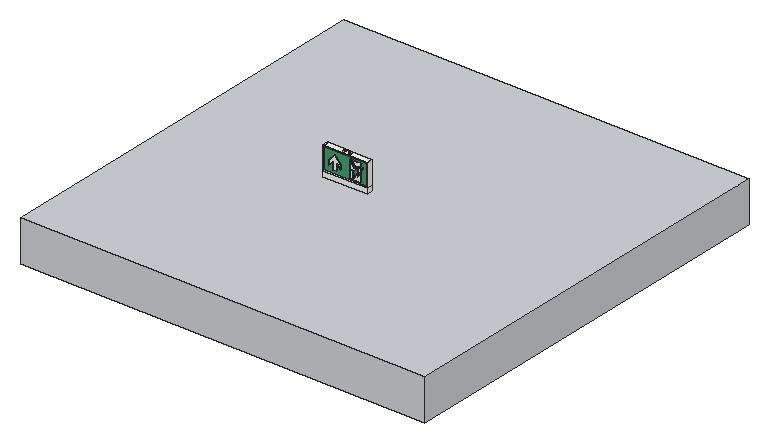
Revit family "Zumtobel CROSSIGN - AB", category Lighting Fixtures, host Face, Revit 2014
Parameters (values of type "CROSSIGN 160 AB + RZ-U")
  Width = 332 mm
  Wattage Comments = ""
  Wattage = 0.397194 W
  built-in parameter 1150110 = 1 (stored number, unit not read)
  Voltage = 230 V
  URL = "http://www.zumtobel.com/42180793"
  Type Comments = "© Zumtobel. We reserve the right to make technical changes without prior notice."  # constant formula
  built-in parameter 1114217 = 1 (stored number, unit not read)
  Tilt Angle = 180.00°
  built-in parameter 1150109 = 1 (stored number, unit not read)
  built-in parameter 1150134 = 12
  built-in parameter 1150113 = 1 (stored number, unit not read)
  Photometric Web File = "42180768+22168595_(STD-LEO).IES"
  built-in parameter 1150105 = 4.6951 (stored number, unit not read)
  Lumens = 59 lm
  built-in parameter 1150115 = 1 (stored number, unit not read)
  built-in parameter 1150137 = (empty or 0)
  built-in parameter 1150139 = (empty or 0)
  built-in parameter 1150112 = 1 (stored number, unit not read)
  built-in parameter 1150114 = 1 (stored number, unit not read)
  built-in parameter 1150132 = 2
  built-in parameter 1150102 = (empty or 0)
  built-in parameter 1150107 = 4000 (stored number, unit not read)
  built-in parameter 1150138 = (empty or 0)
  built-in parameter 1150106 = 0.046951 (stored number, unit not read)
  Height = 209.6 mm
  Escape Top Left & Right = no
  Escape Left & Right = no
  Escape Top = no
  Escape Bottom Left & Right = no
  Escape Bottom = yes
  built-in parameter 1150104 = 13.8 (stored number, unit not read)
  ERI [instance] = yes
  Dimming Lamp Color Temperature Shift = <None>
  Depth = 44 mm
  Model = "42180793 + 22168597"
  Manufacturer = "Zumtobel Lighting"  # constant formula
  Lamp = "LED"
  Description = "Escape sign + ERI LED luminaire"  # constant formula
  Default Elevation = 0 mm
  Crossign 160 = Height = 209.6 mm  # yes
  Crosign 110 = Height = 175.6 mm  # no
  Color Filter = 16777215
  Body = Zumtobel_Metal_White
  built-in parameter 1114218 = 1 (stored number, unit not read)
  built-in parameter 1150133 = 10 (stored number, unit not read)
  Assembly Code = "D5020200"
  Apparent Load = 5.8 VA
Reference planes
  plane 1 "Center (Front/Back)": y = 0
  plane 2 "Bottom": z = 0
  plane 3 "Center (Left/Right)": x = -735.5
  plane 4 "Light Source Axis": z = 209.6
  plane 5: x = -901.5
  plane 6: x = -569.5
  plane 7: y = -22
  plane 8: y = 22
Forms (mm)
  Extrusion 1, solid
    sketch origin (123, 0, 0) x (1, 0, 0) y (0, 1, 0)
      loop
        line (-2085.5, 1500) -> (-2085.5, -1500) -> (914.5, -1500) -> (914.5, 1500) -> (-2085.5, 1500)
    from 0 to -304.8
Lines and regions (mm)
  symbolic lines, not visible, detail levels coarse
    curve 1: line (-735.5, 80, 0) -> (-735.5, -80, 0)
    curve 2: line (-735.5, 80, 0) -> (-735.5, -80, 0)
Dimensions and locks
  "Height": plane 4 "Light Source Axis" to plane 2 "Bottom"
  aligned and locked: plane 2 "Bottom" to Extrusion 1
  aligned and locked: level to Extrusion 1
  aligned and locked: imposter light to plane 4 "Light Source Axis"
  aligned and locked: nested 1 to plane 2 "Bottom"
Automatic sketch dimensions
  curve 1 to plane 3 "Center (Left/Right)" = 0 mm
  curve 2 to plane 3 "Center (Left/Right)" = 0 mm
  plane 7 to curve 1 = 58 mm
  curve 2 to curve 1 = 0 mm
  plane 8 to curve 2 = 58 mm
  curve 1 to curve 2 = 0 mm
  Extrusion 1 sketch curve to Extrusion 1 sketch curve = 3000 mm  (x2)
Nested families
  nested 1: "Zumtobel CROSSIGN 160 Body" at (-735.5, 0, 0), visible <- "Crossign 160", type "Zumtobel CROSSIGN 160 Body"
  nested 2: "Zumtobel CROSSIGN 110 Body" at (-735.5, 0, 0), visible <- "Crosign 110", type "Zumtobel CROSSIGN 110 Body"
Connectors
  electrical at (-735.5, 0, 0), driven by "Apparent Load", driven by "Voltage"
    settings: index 1, voltage 230 V, apparent load 0 VA, apparent load phase1 5.8 VA, apparent load phase2 0 VA, apparent load phase3 0 VA, power factor 1, load classification "Lighting", number of poles 1, system type 31, power factor state 1, is connector primary yes, connector utility no, sub classification motor no, connector description ""
Definition of nested family "Zumtobel CROSSIGN 160 Body"
  Parameters (values of type "Zumtobel CROSSIGN 160 Body")
    Escape Sign U = no
    Escape Sign RU = no
    Escape Sign RO = no
    Escape Sign O = no
    Escape Sign LR = no
    ERI = yes
    Default Elevation = 0 mm
    Body = Zumtobel_Metal_White
  Reference planes
    plane 1 "Center (Front/Back)": y = 0
    plane 2: z = 0
    plane 3 "Center (Left/Right)": x = 0
  Forms (mm)
    Extrusion 1, solid, material "Zumtobel_Metal_White" <- "Body"
      sketch origin (735.5, 0, 0) x (1, 0, 0) y (0, 1, 0)
        loop
          line (-901.5, 22) -> (-901.5, -22) -> (-569.5, -22) -> (-569.5, 22) -> (-901.5, 22)
      from 39.5 to 0
    Extrusion 2, solid, material "Zumtobel_Escape_Sign_Green_Self_Illumination", visible <- "Escape Sign O"
      sketch origin (735.5, 0, -295.5) x (1, 0, 0) y (0, 0, 1)
        loop
          line (-653.853, 428.358) -> (-651.685, 449.523)
          arc (-651.685, 449.523) -> (-650.098, 453.355) -> (-646.266, 454.942) r 5.42
          line (-646.266, 454.942) -> (-605.191, 454.942)
          arc (-605.191, 454.942) -> (-610.804, 446.945) -> (-620.08, 443.875) r 15.55
          line (-620.08, 443.875) -> (-638.222, 443.875)
          arc (-638.222, 443.875) -> (-639.916, 443.173) -> (-640.618, 441.479) r 2.396
          line (-640.618, 441.479) -> (-641.645, 425.619)
          arc (-641.645, 425.619) -> (-642.427, 420.108) -> (-644.041, 414.78) r 36.444
          line (-644.041, 414.78) -> (-652.084, 398.521) -> (-641.987, 398.521)
          arc (-641.987, 398.521) -> (-641.138, 398.917) -> (-640.504, 399.605) r 2.419
          line (-640.504, 399.605) -> (-632.537, 412.595)
          arc (-632.537, 412.595) -> (-626.032, 414.154) -> (-624.473, 407.649) r 4.73
          line (-624.473, 407.649) -> (-632.574, 394.186)
          arc (-632.574, 394.186) -> (-636.651, 390.46) -> (-642.101, 389.565) r 9.697
          line (-642.101, 389.565) -> (-668.115, 389.565)
          arc (-668.115, 389.565) -> (-674.077, 391.815) -> (-678.786, 396.109) r 16.93
          line (-678.786, 396.109) -> (-687.626, 407.934) -> (-701.546, 407.934) -> (-701.546, 355.05) -> (-616.828, 355.05) -> (-616.828, 441.529)
          arc (-616.828, 441.529) -> (-607.672, 446.126) -> (-602.452, 454.942) r 18.189
          line (-602.452, 454.942) -> (-602.452, 457.738) -> (-616.828, 457.738) -> (-616.828, 476.336) -> (-608.164, 485) -> (-664.125, 485) -> (-672.132, 477.526)
          arc (-672.132, 477.526) -> (-675.189, 475.513) -> (-678.74, 474.624) r 10.907
          line (-678.74, 474.624) -> (-687.911, 474.624) -> (-677.077, 485) -> (-692.881, 485) -> (-701.546, 476.336) -> (-701.546, 417.804) -> (-685.344, 417.804)
          arc (-685.344, 417.804) -> (-682.127, 416.399) -> (-679.582, 413.981) r 10.138
          line (-679.582, 413.981) -> (-673.249, 405.424) -> (-665.434, 421.797) -> (-689.794, 471.715) -> (-679.582, 471.715)
          arc (-679.582, 471.715) -> (-676.908, 470.985) -> (-674.976, 468.998) r 5.263
          line (-674.976, 468.998) -> (-653.853, 428.358)
        loop
          circle (-670.78, 377.395) r 10.133
        loop
          line (-574.5, 340) -> (-574.5, 500) -> (-896.5, 500) -> (-896.5, 340) -> (-574.5, 340)
        loop
          line (-825.836, 471.586) -> (-825.836, 417.336) -> (-857.078, 450.839) -> (-857.078, 416.201) -> (-812.516, 368.414) -> (-767.953, 416.201) -> (-767.953, 450.839) -> (-799.195, 417.336) -> (-799.195, 471.586) -> (-825.836, 471.586)
      from -22 to 22
    Extrusion 3, solid, material "Zumtobel_Escape_Sign_White_Self_Illumination", visible <- "Escape Sign O"
      sketch origin (735.5, 0, -295.5) x (1, 0, 0) y (0, 0, 1)
        loop
          line (-653.853, 428.358) -> (-651.685, 449.523)
          arc (-651.685, 449.523) -> (-650.098, 453.355) -> (-646.266, 454.942) r 5.42
          line (-646.266, 454.942) -> (-605.191, 454.942)
          arc (-605.191, 454.942) -> (-610.804, 446.945) -> (-620.08, 443.875) r 15.55
          line (-620.08, 443.875) -> (-638.222, 443.875)
          arc (-638.222, 443.875) -> (-639.916, 443.173) -> (-640.618, 441.479) r 2.396
          line (-640.618, 441.479) -> (-641.645, 425.619)
          arc (-641.645, 425.619) -> (-642.427, 420.108) -> (-644.041, 414.78) r 36.444
          line (-644.041, 414.78) -> (-652.084, 398.521) -> (-641.987, 398.521)
          arc (-641.987, 398.521) -> (-641.138, 398.917) -> (-640.504, 399.605) r 2.419
          line (-640.504, 399.605) -> (-632.537, 412.595)
          arc (-632.537, 412.595) -> (-626.032, 414.154) -> (-624.473, 407.649) r 4.73
          line (-624.473, 407.649) -> (-632.574, 394.186)
          arc (-632.574, 394.186) -> (-636.651, 390.46) -> (-642.101, 389.565) r 9.697
          line (-642.101, 389.565) -> (-668.115, 389.565)
          arc (-668.115, 389.565) -> (-674.077, 391.815) -> (-678.786, 396.109) r 16.93
          line (-678.786, 396.109) -> (-687.626, 407.934) -> (-701.546, 407.934) -> (-701.546, 355.05) -> (-616.828, 355.05) -> (-616.828, 441.529)
          arc (-616.828, 441.529) -> (-607.672, 446.126) -> (-602.452, 454.942) r 18.189
          line (-602.452, 454.942) -> (-602.452, 457.738) -> (-616.828, 457.738) -> (-616.828, 476.336) -> (-608.164, 485) -> (-664.125, 485) -> (-672.132, 477.526)
          arc (-672.132, 477.526) -> (-675.189, 475.513) -> (-678.74, 474.624) r 10.907
          line (-678.74, 474.624) -> (-687.911, 474.624) -> (-677.077, 485) -> (-692.881, 485) -> (-701.546, 476.336) -> (-701.546, 417.804) -> (-685.344, 417.804)
          arc (-685.344, 417.804) -> (-682.127, 416.399) -> (-679.582, 413.981) r 10.138
          line (-679.582, 413.981) -> (-673.249, 405.424) -> (-665.434, 421.797) -> (-689.794, 471.715) -> (-679.582, 471.715)
          arc (-679.582, 471.715) -> (-676.908, 470.985) -> (-674.976, 468.998) r 5.263
          line (-674.976, 468.998) -> (-653.853, 428.358)
        loop
          circle (-670.78, 377.395) r 10.133
        loop
          line (-825.836, 471.586) -> (-825.836, 417.336) -> (-857.078, 450.839) -> (-857.078, 416.201) -> (-812.516, 368.414) -> (-767.953, 416.201) -> (-767.953, 450.839) -> (-799.195, 417.336) -> (-799.195, 471.586) -> (-825.836, 471.586)
      from -22 to 22
    Extrusion 4, solid, material "Zumtobel_Metal_White" <- "Body"
      sketch origin (735.5, 0, -290.5) x (1, 0, 0) y (0, 0, 1)
        loop
          line (-896.5, 495) -> (-896.5, 335) -> (-574.5, 335) -> (-574.5, 495) -> (-896.5, 495)
        loop
          line (-901.5, 500) -> (-901.5, 330) -> (-569.5, 330) -> (-569.5, 500) -> (-901.5, 500)
      from -22 to 22
    Extrusion 5, solid, material "Zumtobel_Escape_Sign_Green_Self_Illumination", visible <- "Escape Sign LR"
      sketch origin (235.5, 0, -295.5) x (1, 0, 0) y (0, 0, 1)
        loop
          line (-153.853, 428.358) -> (-151.685, 449.523)
          arc (-151.685, 449.523) -> (-150.098, 453.355) -> (-146.266, 454.942) r 5.42
          line (-146.266, 454.942) -> (-105.191, 454.942)
          arc (-105.191, 454.942) -> (-110.804, 446.945) -> (-120.08, 443.875) r 15.55
          line (-120.08, 443.875) -> (-138.222, 443.875)
          arc (-138.222, 443.875) -> (-139.916, 443.173) -> (-140.618, 441.479) r 2.396
          line (-140.618, 441.479) -> (-141.645, 425.619)
          arc (-141.645, 425.619) -> (-142.427, 420.108) -> (-144.041, 414.78) r 36.444
          line (-144.041, 414.78) -> (-152.084, 398.521) -> (-141.987, 398.521)
          arc (-141.987, 398.521) -> (-141.138, 398.917) -> (-140.504, 399.605) r 2.419
          line (-140.504, 399.605) -> (-132.537, 412.595)
          arc (-132.537, 412.595) -> (-126.032, 414.154) -> (-124.473, 407.649) r 4.73
          line (-124.473, 407.649) -> (-132.574, 394.186)
          arc (-132.574, 394.186) -> (-136.651, 390.46) -> (-142.101, 389.565) r 9.697
          line (-142.101, 389.565) -> (-168.115, 389.565)
          arc (-168.115, 389.565) -> (-174.077, 391.815) -> (-178.786, 396.109) r 16.93
          line (-178.786, 396.109) -> (-187.626, 407.934) -> (-201.546, 407.934) -> (-201.546, 355.05) -> (-116.828, 355.05) -> (-116.828, 441.529)
          arc (-116.828, 441.529) -> (-107.672, 446.126) -> (-102.452, 454.942) r 18.189
          line (-102.452, 454.942) -> (-102.452, 457.738) -> (-116.828, 457.738) -> (-116.828, 476.336) -> (-108.164, 485) -> (-164.125, 485) -> (-172.132, 477.526)
          arc (-172.132, 477.526) -> (-175.189, 475.513) -> (-178.74, 474.624) r 10.907
          line (-178.74, 474.624) -> (-187.911, 474.624) -> (-177.077, 485) -> (-192.881, 485) -> (-201.546, 476.336) -> (-201.546, 417.804) -> (-185.344, 417.804)
          arc (-185.344, 417.804) -> (-182.127, 416.399) -> (-179.582, 413.981) r 10.138
          line (-179.582, 413.981) -> (-173.249, 405.424) -> (-165.434, 421.797) -> (-189.794, 471.715) -> (-179.582, 471.715)
          arc (-179.582, 471.715) -> (-176.908, 470.985) -> (-174.976, 468.998) r 5.263
          line (-174.976, 468.998) -> (-153.853, 428.358)
        loop
          line (-261.414, 406.195) -> (-261.414, 432.836) -> (-315.664, 432.836) -> (-282.161, 464.078) -> (-316.799, 464.078) -> (-364.586, 419.516) -> (-316.799, 374.953) -> (-282.161, 374.953) -> (-315.664, 406.195) -> (-261.414, 406.195)
        loop
          circle (-170.78, 377.395) r 10.133
        loop
          line (-74.5, 340) -> (-74.5, 500) -> (-396.5, 500) -> (-396.5, 340) -> (-74.5, 340)
      from -22 to 22
    Extrusion 6, solid, material "Zumtobel_Escape_Sign_White_Self_Illumination", visible <- "Escape Sign LR"
      sketch origin (235.5, 0, -295.5) x (1, 0, 0) y (0, 0, 1)
        loop
          line (-153.853, 428.358) -> (-151.685, 449.523)
          arc (-151.685, 449.523) -> (-150.098, 453.355) -> (-146.266, 454.942) r 5.42
          line (-146.266, 454.942) -> (-105.191, 454.942)
          arc (-105.191, 454.942) -> (-110.804, 446.945) -> (-120.08, 443.875) r 15.55
          line (-120.08, 443.875) -> (-138.222, 443.875)
          arc (-138.222, 443.875) -> (-139.916, 443.173) -> (-140.618, 441.479) r 2.396
          line (-140.618, 441.479) -> (-141.645, 425.619)
          arc (-141.645, 425.619) -> (-142.427, 420.108) -> (-144.041, 414.78) r 36.444
          line (-144.041, 414.78) -> (-152.084, 398.521) -> (-141.987, 398.521)
          arc (-141.987, 398.521) -> (-141.138, 398.917) -> (-140.504, 399.605) r 2.419
          line (-140.504, 399.605) -> (-132.537, 412.595)
          arc (-132.537, 412.595) -> (-126.032, 414.154) -> (-124.473, 407.649) r 4.73
          line (-124.473, 407.649) -> (-132.574, 394.186)
          arc (-132.574, 394.186) -> (-136.651, 390.46) -> (-142.101, 389.565) r 9.697
          line (-142.101, 389.565) -> (-168.115, 389.565)
          arc (-168.115, 389.565) -> (-174.077, 391.815) -> (-178.786, 396.109) r 16.93
          line (-178.786, 396.109) -> (-187.626, 407.934) -> (-201.546, 407.934) -> (-201.546, 355.05) -> (-116.828, 355.05) -> (-116.828, 441.529)
          arc (-116.828, 441.529) -> (-107.672, 446.126) -> (-102.452, 454.942) r 18.189
          line (-102.452, 454.942) -> (-102.452, 457.738) -> (-116.828, 457.738) -> (-116.828, 476.336) -> (-108.164, 485) -> (-164.125, 485) -> (-172.132, 477.526)
          arc (-172.132, 477.526) -> (-175.189, 475.513) -> (-178.74, 474.624) r 10.907
          line (-178.74, 474.624) -> (-187.911, 474.624) -> (-177.077, 485) -> (-192.881, 485) -> (-201.546, 476.336) -> (-201.546, 417.804) -> (-185.344, 417.804)
          arc (-185.344, 417.804) -> (-182.127, 416.399) -> (-179.582, 413.981) r 10.138
          line (-179.582, 413.981) -> (-173.249, 405.424) -> (-165.434, 421.797) -> (-189.794, 471.715) -> (-179.582, 471.715)
          arc (-179.582, 471.715) -> (-176.908, 470.985) -> (-174.976, 468.998) r 5.263
          line (-174.976, 468.998) -> (-153.853, 428.358)
        loop
          line (-261.414, 406.195) -> (-261.414, 432.836) -> (-315.664, 432.836) -> (-282.161, 464.078) -> (-316.799, 464.078) -> (-364.586, 419.516) -> (-316.799, 374.953) -> (-282.161, 374.953) -> (-315.664, 406.195) -> (-261.414, 406.195)
        loop
          circle (-170.78, 377.395) r 10.133
      from -22 to 22
    Extrusion 7, solid, material "Zumtobel_Escape_Sign_White_Self_Illumination", visible <- "ERI"
      sketch origin (19.904, -755.5, 129.5) x (0, 0, 1) y (0, -1, 0)
        loop
          line (80, -748) -> (80, -763) -> (87, -763) -> (90, -760) -> (87, -760) -> (90, -757) -> (84.001, -757) -> (87.001, -754) -> (82.501, -754) -> (85.501, -751) -> (82.501, -751) -> (82.501, -748) -> (80, -748)
      from -7.5 to 7.5
    Extrusion 8, solid, material "Zumtobel_Escape_Sign_White_Self_Illumination", visible <- "ERI"
      sketch origin (-20, 755.5, 129.5) x (0, 0, 1) y (0, 1, 0)
        loop
          line (80, -748) -> (80, -763) -> (87, -763) -> (90, -760) -> (87, -760) -> (90, -757) -> (84.001, -757) -> (87.001, -754) -> (82.501, -754) -> (85.501, -751) -> (82.501, -751) -> (82.501, -748) -> (80, -748)
      from -7.5 to 7.5
    Extrusion 9, solid, material "Zumtobel_Escape_Sign_Green_Self_Illumination", visible <- "Escape Sign U"
      sketch origin (735.5, 0, -295.5) x (1, 0, 0) y (0, 0, 1)
        loop
          line (-653.853, 428.358) -> (-651.685, 449.523)
          arc (-651.685, 449.523) -> (-650.098, 453.355) -> (-646.266, 454.942) r 5.42
          line (-646.266, 454.942) -> (-605.191, 454.942)
          arc (-605.191, 454.942) -> (-610.804, 446.945) -> (-620.08, 443.875) r 15.55
          line (-620.08, 443.875) -> (-638.222, 443.875)
          arc (-638.222, 443.875) -> (-639.916, 443.173) -> (-640.618, 441.479) r 2.396
          line (-640.618, 441.479) -> (-641.645, 425.619)
          arc (-641.645, 425.619) -> (-642.427, 420.108) -> (-644.041, 414.78) r 36.444
          line (-644.041, 414.78) -> (-652.084, 398.521) -> (-641.987, 398.521)
          arc (-641.987, 398.521) -> (-641.138, 398.917) -> (-640.504, 399.605) r 2.419
          line (-640.504, 399.605) -> (-632.537, 412.595)
          arc (-632.537, 412.595) -> (-626.032, 414.154) -> (-624.473, 407.649) r 4.73
          line (-624.473, 407.649) -> (-632.574, 394.186)
          arc (-632.574, 394.186) -> (-636.651, 390.46) -> (-642.101, 389.565) r 9.697
          line (-642.101, 389.565) -> (-668.115, 389.565)
          arc (-668.115, 389.565) -> (-674.077, 391.815) -> (-678.786, 396.109) r 16.93
          line (-678.786, 396.109) -> (-687.626, 407.934) -> (-701.546, 407.934) -> (-701.546, 355.05) -> (-616.828, 355.05) -> (-616.828, 441.529)
          arc (-616.828, 441.529) -> (-607.672, 446.126) -> (-602.452, 454.942) r 18.189
          line (-602.452, 454.942) -> (-602.452, 457.738) -> (-616.828, 457.738) -> (-616.828, 476.336) -> (-608.164, 485) -> (-664.125, 485) -> (-672.132, 477.526)
          arc (-672.132, 477.526) -> (-675.189, 475.513) -> (-678.74, 474.624) r 10.907
          line (-678.74, 474.624) -> (-687.911, 474.624) -> (-677.077, 485) -> (-692.881, 485) -> (-701.546, 476.336) -> (-701.546, 417.804) -> (-685.344, 417.804)
          arc (-685.344, 417.804) -> (-682.127, 416.399) -> (-679.582, 413.981) r 10.138
          line (-679.582, 413.981) -> (-673.249, 405.424) -> (-665.434, 421.797) -> (-689.794, 471.715) -> (-679.582, 471.715)
          arc (-679.582, 471.715) -> (-676.908, 470.985) -> (-674.976, 468.998) r 5.263
          line (-674.976, 468.998) -> (-653.853, 428.358)
        loop
          circle (-670.78, 377.395) r 10.133
        loop
          line (-574.5, 340) -> (-574.5, 500) -> (-896.5, 500) -> (-896.5, 340) -> (-574.5, 340)
        loop
          line (-799.195, 368.414) -> (-799.195, 422.664) -> (-767.953, 389.161) -> (-767.953, 423.799) -> (-812.516, 471.586) -> (-857.078, 423.799) -> (-857.078, 389.161) -> (-825.836, 422.664) -> (-825.836, 368.414) -> (-799.195, 368.414)
      from -22 to 22
    Extrusion 10, solid, material "Zumtobel_Escape_Sign_White_Self_Illumination", visible <- "Escape Sign U"
      sketch origin (735.5, 0, -295.5) x (1, 0, 0) y (0, 0, 1)
        loop
          line (-653.853, 428.358) -> (-651.685, 449.523)
          arc (-651.685, 449.523) -> (-650.098, 453.355) -> (-646.266, 454.942) r 5.42
          line (-646.266, 454.942) -> (-605.191, 454.942)
          arc (-605.191, 454.942) -> (-610.804, 446.945) -> (-620.08, 443.875) r 15.55
          line (-620.08, 443.875) -> (-638.222, 443.875)
          arc (-638.222, 443.875) -> (-639.916, 443.173) -> (-640.618, 441.479) r 2.396
          line (-640.618, 441.479) -> (-641.645, 425.619)
          arc (-641.645, 425.619) -> (-642.427, 420.108) -> (-644.041, 414.78) r 36.444
          line (-644.041, 414.78) -> (-652.084, 398.521) -> (-641.987, 398.521)
          arc (-641.987, 398.521) -> (-641.138, 398.917) -> (-640.504, 399.605) r 2.419
          line (-640.504, 399.605) -> (-632.537, 412.595)
          arc (-632.537, 412.595) -> (-626.032, 414.154) -> (-624.473, 407.649) r 4.73
          line (-624.473, 407.649) -> (-632.574, 394.186)
          arc (-632.574, 394.186) -> (-636.651, 390.46) -> (-642.101, 389.565) r 9.697
          line (-642.101, 389.565) -> (-668.115, 389.565)
          arc (-668.115, 389.565) -> (-674.077, 391.815) -> (-678.786, 396.109) r 16.93
          line (-678.786, 396.109) -> (-687.626, 407.934) -> (-701.546, 407.934) -> (-701.546, 355.05) -> (-616.828, 355.05) -> (-616.828, 441.529)
          arc (-616.828, 441.529) -> (-607.672, 446.126) -> (-602.452, 454.942) r 18.189
          line (-602.452, 454.942) -> (-602.452, 457.738) -> (-616.828, 457.738) -> (-616.828, 476.336) -> (-608.164, 485) -> (-664.125, 485) -> (-672.132, 477.526)
          arc (-672.132, 477.526) -> (-675.189, 475.513) -> (-678.74, 474.624) r 10.907
          line (-678.74, 474.624) -> (-687.911, 474.624) -> (-677.077, 485) -> (-692.881, 485) -> (-701.546, 476.336) -> (-701.546, 417.804) -> (-685.344, 417.804)
          arc (-685.344, 417.804) -> (-682.127, 416.399) -> (-679.582, 413.981) r 10.138
          line (-679.582, 413.981) -> (-673.249, 405.424) -> (-665.434, 421.797) -> (-689.794, 471.715) -> (-679.582, 471.715)
          arc (-679.582, 471.715) -> (-676.908, 470.985) -> (-674.976, 468.998) r 5.263
          line (-674.976, 468.998) -> (-653.853, 428.358)
        loop
          circle (-670.78, 377.395) r 10.133
        loop
          line (-799.195, 368.414) -> (-799.195, 422.664) -> (-767.953, 389.161) -> (-767.953, 423.799) -> (-812.516, 471.586) -> (-857.078, 423.799) -> (-857.078, 389.161) -> (-825.836, 422.664) -> (-825.836, 368.414) -> (-799.195, 368.414)
      from -22 to 22
    Extrusion 11, solid, material "Zumtobel_Escape_Sign_Green_Self_Illumination", visible <- "Escape Sign RU"
      sketch origin (735.5, 0, -295.5) x (1, 0, 0) y (0, 0, 1)
        loop
          line (-653.853, 428.358) -> (-651.685, 449.523)
          arc (-651.685, 449.523) -> (-650.098, 453.355) -> (-646.266, 454.942) r 5.42
          line (-646.266, 454.942) -> (-605.191, 454.942)
          arc (-605.191, 454.942) -> (-610.804, 446.945) -> (-620.08, 443.875) r 15.55
          line (-620.08, 443.875) -> (-638.222, 443.875)
          arc (-638.222, 443.875) -> (-639.916, 443.173) -> (-640.618, 441.479) r 2.396
          line (-640.618, 441.479) -> (-641.645, 425.619)
          arc (-641.645, 425.619) -> (-642.427, 420.108) -> (-644.041, 414.78) r 36.444
          line (-644.041, 414.78) -> (-652.084, 398.521) -> (-641.987, 398.521)
          arc (-641.987, 398.521) -> (-641.138, 398.917) -> (-640.504, 399.605) r 2.419
          line (-640.504, 399.605) -> (-632.537, 412.595)
          arc (-632.537, 412.595) -> (-626.032, 414.154) -> (-624.473, 407.649) r 4.73
          line (-624.473, 407.649) -> (-632.574, 394.186)
          arc (-632.574, 394.186) -> (-636.651, 390.46) -> (-642.101, 389.565) r 9.697
          line (-642.101, 389.565) -> (-668.115, 389.565)
          arc (-668.115, 389.565) -> (-674.077, 391.815) -> (-678.786, 396.109) r 16.93
          line (-678.786, 396.109) -> (-687.626, 407.934) -> (-701.546, 407.934) -> (-701.546, 355.05) -> (-616.828, 355.05) -> (-616.828, 441.529)
          arc (-616.828, 441.529) -> (-607.672, 446.126) -> (-602.452, 454.942) r 18.189
          line (-602.452, 454.942) -> (-602.452, 457.738) -> (-616.828, 457.738) -> (-616.828, 476.336) -> (-608.164, 485) -> (-664.125, 485) -> (-672.132, 477.526)
          arc (-672.132, 477.526) -> (-675.189, 475.513) -> (-678.74, 474.624) r 10.907
          line (-678.74, 474.624) -> (-687.911, 474.624) -> (-677.077, 485) -> (-692.881, 485) -> (-701.546, 476.336) -> (-701.546, 417.804) -> (-685.344, 417.804)
          arc (-685.344, 417.804) -> (-682.127, 416.399) -> (-679.582, 413.981) r 10.138
          line (-679.582, 413.981) -> (-673.249, 405.424) -> (-665.434, 421.797) -> (-689.794, 471.715) -> (-679.582, 471.715)
          arc (-679.582, 471.715) -> (-676.908, 470.985) -> (-674.976, 468.998) r 5.263
          line (-674.976, 468.998) -> (-653.853, 428.358)
        loop
          circle (-670.78, 377.395) r 10.133
        loop
          line (-574.5, 340) -> (-574.5, 500) -> (-896.5, 500) -> (-896.5, 340) -> (-574.5, 340)
        loop
          line (-766.62, 392.942) -> (-804.981, 431.303) -> (-759.199, 429.704) -> (-783.691, 454.196) -> (-848.992, 456.477) -> (-846.712, 391.176) -> (-822.22, 366.683) -> (-823.818, 412.465) -> (-785.458, 374.104) -> (-766.62, 392.942)
      from -22 to 22
    Extrusion 12, solid, material "Zumtobel_Escape_Sign_White_Self_Illumination", visible <- "Escape Sign RU"
      sketch origin (735.5, 0, -295.5) x (1, 0, 0) y (0, 0, 1)
        loop
          line (-653.853, 428.358) -> (-651.685, 449.523)
          arc (-651.685, 449.523) -> (-650.098, 453.355) -> (-646.266, 454.942) r 5.42
          line (-646.266, 454.942) -> (-605.191, 454.942)
          arc (-605.191, 454.942) -> (-610.804, 446.945) -> (-620.08, 443.875) r 15.55
          line (-620.08, 443.875) -> (-638.222, 443.875)
          arc (-638.222, 443.875) -> (-639.916, 443.173) -> (-640.618, 441.479) r 2.396
          line (-640.618, 441.479) -> (-641.645, 425.619)
          arc (-641.645, 425.619) -> (-642.427, 420.108) -> (-644.041, 414.78) r 36.444
          line (-644.041, 414.78) -> (-652.084, 398.521) -> (-641.987, 398.521)
          arc (-641.987, 398.521) -> (-641.138, 398.917) -> (-640.504, 399.605) r 2.419
          line (-640.504, 399.605) -> (-632.537, 412.595)
          arc (-632.537, 412.595) -> (-626.032, 414.154) -> (-624.473, 407.649) r 4.73
          line (-624.473, 407.649) -> (-632.574, 394.186)
          arc (-632.574, 394.186) -> (-636.651, 390.46) -> (-642.101, 389.565) r 9.697
          line (-642.101, 389.565) -> (-668.115, 389.565)
          arc (-668.115, 389.565) -> (-674.077, 391.815) -> (-678.786, 396.109) r 16.93
          line (-678.786, 396.109) -> (-687.626, 407.934) -> (-701.546, 407.934) -> (-701.546, 355.05) -> (-616.828, 355.05) -> (-616.828, 441.529)
          arc (-616.828, 441.529) -> (-607.672, 446.126) -> (-602.452, 454.942) r 18.189
          line (-602.452, 454.942) -> (-602.452, 457.738) -> (-616.828, 457.738) -> (-616.828, 476.336) -> (-608.164, 485) -> (-664.125, 485) -> (-672.132, 477.526)
          arc (-672.132, 477.526) -> (-675.189, 475.513) -> (-678.74, 474.624) r 10.907
          line (-678.74, 474.624) -> (-687.911, 474.624) -> (-677.077, 485) -> (-692.881, 485) -> (-701.546, 476.336) -> (-701.546, 417.804) -> (-685.344, 417.804)
          arc (-685.344, 417.804) -> (-682.127, 416.399) -> (-679.582, 413.981) r 10.138
          line (-679.582, 413.981) -> (-673.249, 405.424) -> (-665.434, 421.797) -> (-689.794, 471.715) -> (-679.582, 471.715)
          arc (-679.582, 471.715) -> (-676.908, 470.985) -> (-674.976, 468.998) r 5.263
          line (-674.976, 468.998) -> (-653.853, 428.358)
        loop
          circle (-670.78, 377.395) r 10.133
        loop
          line (-766.62, 392.942) -> (-804.981, 431.303) -> (-759.199, 429.704) -> (-783.691, 454.196) -> (-848.992, 456.477) -> (-846.712, 391.176) -> (-822.22, 366.683) -> (-823.818, 412.465) -> (-785.458, 374.104) -> (-766.62, 392.942)
      from -22 to 22
    Extrusion 13, solid, material "Zumtobel_Escape_Sign_Green_Self_Illumination", visible <- "Escape Sign RO"
      sketch origin (735.5, 0, -295.5) x (1, 0, 0) y (0, 0, 1)
        loop
          line (-653.853, 428.358) -> (-651.685, 449.523)
          arc (-651.685, 449.523) -> (-650.098, 453.355) -> (-646.266, 454.942) r 5.42
          line (-646.266, 454.942) -> (-605.191, 454.942)
          arc (-605.191, 454.942) -> (-610.804, 446.945) -> (-620.08, 443.875) r 15.55
          line (-620.08, 443.875) -> (-638.222, 443.875)
          arc (-638.222, 443.875) -> (-639.916, 443.173) -> (-640.618, 441.479) r 2.396
          line (-640.618, 441.479) -> (-641.645, 425.619)
          arc (-641.645, 425.619) -> (-642.427, 420.108) -> (-644.041, 414.78) r 36.444
          line (-644.041, 414.78) -> (-652.084, 398.521) -> (-641.987, 398.521)
          arc (-641.987, 398.521) -> (-641.138, 398.917) -> (-640.504, 399.605) r 2.419
          line (-640.504, 399.605) -> (-632.537, 412.595)
          arc (-632.537, 412.595) -> (-626.032, 414.154) -> (-624.473, 407.649) r 4.73
          line (-624.473, 407.649) -> (-632.574, 394.186)
          arc (-632.574, 394.186) -> (-636.651, 390.46) -> (-642.101, 389.565) r 9.697
          line (-642.101, 389.565) -> (-668.115, 389.565)
          arc (-668.115, 389.565) -> (-674.077, 391.815) -> (-678.786, 396.109) r 16.93
          line (-678.786, 396.109) -> (-687.626, 407.934) -> (-701.546, 407.934) -> (-701.546, 355.05) -> (-616.828, 355.05) -> (-616.828, 441.529)
          arc (-616.828, 441.529) -> (-607.672, 446.126) -> (-602.452, 454.942) r 18.189
          line (-602.452, 454.942) -> (-602.452, 457.738) -> (-616.828, 457.738) -> (-616.828, 476.336) -> (-608.164, 485) -> (-664.125, 485) -> (-672.132, 477.526)
          arc (-672.132, 477.526) -> (-675.189, 475.513) -> (-678.74, 474.624) r 10.907
          line (-678.74, 474.624) -> (-687.911, 474.624) -> (-677.077, 485) -> (-692.881, 485) -> (-701.546, 476.336) -> (-701.546, 417.804) -> (-685.344, 417.804)
          arc (-685.344, 417.804) -> (-682.127, 416.399) -> (-679.582, 413.981) r 10.138
          line (-679.582, 413.981) -> (-673.249, 405.424) -> (-665.434, 421.797) -> (-689.794, 471.715) -> (-679.582, 471.715)
          arc (-679.582, 471.715) -> (-676.908, 470.985) -> (-674.976, 468.998) r 5.263
          line (-674.976, 468.998) -> (-653.853, 428.358)
        loop
          circle (-670.78, 377.395) r 10.133
        loop
          line (-574.5, 340) -> (-574.5, 500) -> (-896.5, 500) -> (-896.5, 340) -> (-574.5, 340)
        loop
          line (-785.458, 449.055) -> (-823.818, 410.695) -> (-822.22, 456.477) -> (-846.712, 431.984) -> (-848.992, 366.683) -> (-783.691, 368.963) -> (-759.199, 393.456) -> (-804.981, 391.857) -> (-766.62, 430.218) -> (-785.458, 449.055)
      from -22 to 22
    Extrusion 14, solid, material "Zumtobel_Escape_Sign_White_Self_Illumination", visible <- "Escape Sign RO"
      sketch origin (735.5, 0, -295.5) x (1, 0, 0) y (0, 0, 1)
        loop
          line (-653.853, 428.358) -> (-651.685, 449.523)
          arc (-651.685, 449.523) -> (-650.098, 453.355) -> (-646.266, 454.942) r 5.42
          line (-646.266, 454.942) -> (-605.191, 454.942)
          arc (-605.191, 454.942) -> (-610.804, 446.945) -> (-620.08, 443.875) r 15.55
          line (-620.08, 443.875) -> (-638.222, 443.875)
          arc (-638.222, 443.875) -> (-639.916, 443.173) -> (-640.618, 441.479) r 2.396
          line (-640.618, 441.479) -> (-641.645, 425.619)
          arc (-641.645, 425.619) -> (-642.427, 420.108) -> (-644.041, 414.78) r 36.444
          line (-644.041, 414.78) -> (-652.084, 398.521) -> (-641.987, 398.521)
          arc (-641.987, 398.521) -> (-641.138, 398.917) -> (-640.504, 399.605) r 2.419
          line (-640.504, 399.605) -> (-632.537, 412.595)
          arc (-632.537, 412.595) -> (-626.032, 414.154) -> (-624.473, 407.649) r 4.73
          line (-624.473, 407.649) -> (-632.574, 394.186)
          arc (-632.574, 394.186) -> (-636.651, 390.46) -> (-642.101, 389.565) r 9.697
          line (-642.101, 389.565) -> (-668.115, 389.565)
          arc (-668.115, 389.565) -> (-674.077, 391.815) -> (-678.786, 396.109) r 16.93
          line (-678.786, 396.109) -> (-687.626, 407.934) -> (-701.546, 407.934) -> (-701.546, 355.05) -> (-616.828, 355.05) -> (-616.828, 441.529)
          arc (-616.828, 441.529) -> (-607.672, 446.126) -> (-602.452, 454.942) r 18.189
          line (-602.452, 454.942) -> (-602.452, 457.738) -> (-616.828, 457.738) -> (-616.828, 476.336) -> (-608.164, 485) -> (-664.125, 485) -> (-672.132, 477.526)
          arc (-672.132, 477.526) -> (-675.189, 475.513) -> (-678.74, 474.624) r 10.907
          line (-678.74, 474.624) -> (-687.911, 474.624) -> (-677.077, 485) -> (-692.881, 485) -> (-701.546, 476.336) -> (-701.546, 417.804) -> (-685.344, 417.804)
          arc (-685.344, 417.804) -> (-682.127, 416.399) -> (-679.582, 413.981) r 10.138
          line (-679.582, 413.981) -> (-673.249, 405.424) -> (-665.434, 421.797) -> (-689.794, 471.715) -> (-679.582, 471.715)
          arc (-679.582, 471.715) -> (-676.908, 470.985) -> (-674.976, 468.998) r 5.263
          line (-674.976, 468.998) -> (-653.853, 428.358)
        loop
          circle (-670.78, 377.395) r 10.133
        loop
          line (-785.458, 449.055) -> (-823.818, 410.695) -> (-822.22, 456.477) -> (-846.712, 431.984) -> (-848.992, 366.683) -> (-783.691, 368.963) -> (-759.199, 393.456) -> (-804.981, 391.857) -> (-766.62, 430.218) -> (-785.458, 449.055)
      from -22 to 22
  Dimensions and locks
    aligned and locked: level to plane 2
Definition of nested family "Zumtobel CROSSIGN 110 Body"
  Parameters (values of type "Zumtobel CROSSIGN 110 Body")
    Escape Sign O = yes
    Escape Sign RU = no
    Escape Sign RO = no
    Escape Sign LR = no
    Escape Sign U = yes
    ERI = yes
    Default Elevation = 0 mm
    Body = Zumtobel_Metal_White
  Reference planes
    plane 1 "Center (Front/Back)": y = 0
    plane 2: z = 0
    plane 3 "Center (Left/Right)": x = 0
    plane 4: z = 55.6
    plane 5: z = 175.6
    plane 6: x = -116
    plane 7: x = 116
  Forms (mm)
    Extrusion 1, solid, material "Zumtobel_Metal_White" <- "Body"
      sketch origin (735.5, 0, 0) x (1, 0, 0) y (0, 1, 0)
        loop
          line (-851.5, 23) -> (-851.5, -23) -> (-619.5, -23) -> (-619.5, 23) -> (-851.5, 23)
      from 55.6 to 0
    Extrusion 2, solid, material "Zumtobel_Escape_Sign_Green_Self_Illumination", visible <- "Escape Sign O"
      sketch origin (735.5, 0, -295.5) x (1, 0, 0) y (0, 0, 1)
        loop
          line (-679.209, 416.707) -> (-677.715, 431.299)
          arc (-677.715, 431.299) -> (-676.62, 433.941) -> (-673.978, 435.035) r 3.737
          line (-673.978, 435.035) -> (-645.659, 435.035)
          arc (-645.659, 435.035) -> (-649.529, 429.522) -> (-655.925, 427.405) r 10.721
          line (-655.925, 427.405) -> (-668.432, 427.405)
          arc (-668.432, 427.405) -> (-669.6, 426.921) -> (-670.084, 425.753) r 1.652
          line (-670.084, 425.753) -> (-670.792, 414.819)
          arc (-670.792, 414.819) -> (-671.332, 411.019) -> (-672.444, 407.346) r 25.126
          line (-672.444, 407.346) -> (-677.99, 396.136) -> (-671.028, 396.136)
          arc (-671.028, 396.136) -> (-670.443, 396.409) -> (-670.006, 396.884) r 1.668
          line (-670.006, 396.884) -> (-664.513, 405.839)
          arc (-664.513, 405.839) -> (-660.028, 406.914) -> (-658.953, 402.43) r 3.261
          line (-658.953, 402.43) -> (-664.538, 393.147)
          arc (-664.538, 393.147) -> (-667.349, 390.579) -> (-671.107, 389.961) r 6.686
          line (-671.107, 389.961) -> (-689.042, 389.961)
          arc (-689.042, 389.961) -> (-693.153, 391.513) -> (-696.399, 394.473) r 11.672
          line (-696.399, 394.473) -> (-702.494, 402.626) -> (-712.09, 402.626) -> (-712.09, 366.166) -> (-653.683, 366.166) -> (-653.683, 425.788)
          arc (-653.683, 425.788) -> (-647.37, 428.957) -> (-643.771, 435.035) r 12.54
          line (-643.771, 435.035) -> (-643.771, 436.963) -> (-653.683, 436.963) -> (-653.683, 449.785) -> (-647.709, 455.758) -> (-686.291, 455.758) -> (-691.812, 450.605)
          arc (-691.812, 450.605) -> (-693.919, 449.217) -> (-696.367, 448.605) r 7.52
          line (-696.367, 448.605) -> (-702.69, 448.605) -> (-695.22, 455.758) -> (-706.117, 455.758) -> (-712.09, 449.785) -> (-712.09, 409.431) -> (-700.92, 409.431)
          arc (-700.92, 409.431) -> (-698.702, 408.462) -> (-696.948, 406.795) r 6.989
          line (-696.948, 406.795) -> (-692.582, 400.896) -> (-687.194, 412.184) -> (-703.988, 446.599) -> (-696.948, 446.599)
          arc (-696.948, 446.599) -> (-695.104, 446.096) -> (-693.772, 444.726) r 3.628
          line (-693.772, 444.726) -> (-679.209, 416.707)
        loop
          circle (-690.88, 381.571) r 6.986
        loop
          line (-624.5, 356.1) -> (-624.5, 466.1) -> (-846.5, 466.1) -> (-846.5, 356.1) -> (-624.5, 356.1)
        loop
          line (-797.781, 446.51) -> (-797.781, 409.108) -> (-819.321, 432.206) -> (-819.321, 408.326) -> (-788.598, 375.379) -> (-757.875, 408.326) -> (-757.875, 432.206) -> (-779.414, 409.108) -> (-779.414, 446.51) -> (-797.781, 446.51)
      from -23 to 23
    Extrusion 3, solid, material "Zumtobel_Escape_Sign_White_Self_Illumination", visible <- "Escape Sign O"
      sketch origin (698.645, 0, -284.385) x (1, 0, 0) y (0, 0, 1)
        loop
          line (-642.355, 405.591) -> (-640.86, 420.183)
          arc (-640.86, 420.183) -> (-639.766, 422.826) -> (-637.124, 423.92) r 3.737
          line (-637.124, 423.92) -> (-608.805, 423.92)
          arc (-608.805, 423.92) -> (-612.675, 418.406) -> (-619.07, 416.29) r 10.721
          line (-619.07, 416.29) -> (-631.578, 416.29)
          arc (-631.578, 416.29) -> (-632.746, 415.806) -> (-633.23, 414.638) r 1.652
          line (-633.23, 414.638) -> (-633.938, 403.704)
          arc (-633.938, 403.704) -> (-634.477, 399.904) -> (-635.59, 396.231) r 25.126
          line (-635.59, 396.231) -> (-641.135, 385.021) -> (-634.174, 385.021)
          arc (-634.174, 385.021) -> (-633.589, 385.294) -> (-633.151, 385.768) r 1.668
          line (-633.151, 385.768) -> (-627.658, 394.724)
          arc (-627.658, 394.724) -> (-623.174, 395.799) -> (-622.099, 391.314) r 3.261
          line (-622.099, 391.314) -> (-627.684, 382.032)
          arc (-627.684, 382.032) -> (-630.495, 379.463) -> (-634.252, 378.846) r 6.686
          line (-634.252, 378.846) -> (-652.188, 378.846)
          arc (-652.188, 378.846) -> (-656.298, 380.397) -> (-659.544, 383.358) r 11.672
          line (-659.544, 383.358) -> (-665.639, 391.511) -> (-675.236, 391.511) -> (-675.236, 355.05) -> (-616.828, 355.05) -> (-616.828, 414.672)
          arc (-616.828, 414.672) -> (-610.515, 417.841) -> (-606.917, 423.92) r 12.54
          line (-606.917, 423.92) -> (-606.917, 425.847) -> (-616.828, 425.847) -> (-616.828, 438.669) -> (-610.855, 444.643) -> (-649.437, 444.643) -> (-654.957, 439.49)
          arc (-654.957, 439.49) -> (-657.065, 438.102) -> (-659.513, 437.489) r 7.52
          line (-659.513, 437.489) -> (-665.836, 437.489) -> (-658.366, 444.643) -> (-669.262, 444.643) -> (-675.236, 438.669) -> (-675.236, 398.315) -> (-664.066, 398.315)
          arc (-664.066, 398.315) -> (-661.848, 397.347) -> (-660.093, 395.68) r 6.989
          line (-660.093, 395.68) -> (-655.727, 389.78) -> (-650.339, 401.068) -> (-667.134, 435.484) -> (-660.093, 435.484)
          arc (-660.093, 435.484) -> (-658.25, 434.98) -> (-656.918, 433.61) r 3.628
          line (-656.918, 433.61) -> (-642.355, 405.591)
        loop
          circle (-654.025, 370.455) r 6.986
        loop
          line (-760.927, 435.395) -> (-760.927, 397.993) -> (-782.466, 421.091) -> (-782.466, 397.21) -> (-751.743, 364.264) -> (-721.02, 397.21) -> (-721.02, 421.091) -> (-742.56, 397.993) -> (-742.56, 435.395) -> (-760.927, 435.395)
      from -23 to 23
    Extrusion 4, solid, material "Zumtobel_Metal_White" <- "Body"
      sketch origin (735.5, 0, -290.5) x (1, 0, 0) y (0, 0, 1)
        loop
          line (-846.5, 461.1) -> (-846.5, 351.1) -> (-624.5, 351.1) -> (-624.5, 461.1) -> (-846.5, 461.1)
        loop
          line (-851.5, 466.1) -> (-851.5, 346.1) -> (-619.5, 346.1) -> (-619.5, 466.1) -> (-851.5, 466.1)
      from -23 to 23
    Extrusion 5, solid, material "Zumtobel_Escape_Sign_White_Self_Illumination", visible <- "ERI"
      sketch origin (-20, 755.5, 95.6) x (0, 0, 1) y (0, 1, 0)
        loop
          line (80, -748) -> (80, -763) -> (87, -763) -> (90, -760) -> (87, -760) -> (90, -757) -> (84.001, -757) -> (87.001, -754) -> (82.501, -754) -> (85.501, -751) -> (82.501, -751) -> (82.501, -748) -> (80, -748)
      from -7.5 to 7.5
    Extrusion 6, solid, material "Zumtobel_Escape_Sign_Green_Self_Illumination", visible <- "Escape Sign LR"
      sketch origin (235.5, 0, -295.5) x (1, 0, 0) y (0, 0, 1)
        loop
          line (-179.209, 416.707) -> (-177.715, 431.299)
          arc (-177.715, 431.299) -> (-176.62, 433.941) -> (-173.978, 435.035) r 3.737
          line (-173.978, 435.035) -> (-145.659, 435.035)
          arc (-145.659, 435.035) -> (-149.529, 429.522) -> (-155.925, 427.405) r 10.721
          line (-155.925, 427.405) -> (-168.432, 427.405)
          arc (-168.432, 427.405) -> (-169.6, 426.921) -> (-170.084, 425.753) r 1.652
          line (-170.084, 425.753) -> (-170.792, 414.819)
          arc (-170.792, 414.819) -> (-171.332, 411.019) -> (-172.444, 407.346) r 25.126
          line (-172.444, 407.346) -> (-177.99, 396.136) -> (-171.028, 396.136)
          arc (-171.028, 396.136) -> (-170.443, 396.409) -> (-170.006, 396.884) r 1.668
          line (-170.006, 396.884) -> (-164.513, 405.839)
          arc (-164.513, 405.839) -> (-160.028, 406.914) -> (-158.953, 402.43) r 3.261
          line (-158.953, 402.43) -> (-164.538, 393.147)
          arc (-164.538, 393.147) -> (-167.349, 390.579) -> (-171.107, 389.961) r 6.686
          line (-171.107, 389.961) -> (-189.042, 389.961)
          arc (-189.042, 389.961) -> (-193.153, 391.513) -> (-196.399, 394.473) r 11.672
          line (-196.399, 394.473) -> (-202.494, 402.626) -> (-212.09, 402.626) -> (-212.09, 366.166) -> (-153.683, 366.166) -> (-153.683, 425.788)
          arc (-153.683, 425.788) -> (-147.37, 428.957) -> (-143.771, 435.035) r 12.54
          line (-143.771, 435.035) -> (-143.771, 436.963) -> (-153.683, 436.963) -> (-153.683, 449.785) -> (-147.709, 455.758) -> (-186.291, 455.758) -> (-191.812, 450.605)
          arc (-191.812, 450.605) -> (-193.919, 449.217) -> (-196.367, 448.605) r 7.52
          line (-196.367, 448.605) -> (-202.69, 448.605) -> (-195.22, 455.758) -> (-206.117, 455.758) -> (-212.09, 449.785) -> (-212.09, 409.431) -> (-200.92, 409.431)
          arc (-200.92, 409.431) -> (-198.702, 408.462) -> (-196.948, 406.795) r 6.989
          line (-196.948, 406.795) -> (-192.582, 400.896) -> (-187.194, 412.184) -> (-203.988, 446.599) -> (-196.948, 446.599)
          arc (-196.948, 446.599) -> (-195.104, 446.096) -> (-193.772, 444.726) r 3.628
          line (-193.772, 444.726) -> (-179.209, 416.707)
        loop
          line (-253.366, 401.427) -> (-253.366, 419.794) -> (-290.768, 419.794) -> (-267.67, 441.334) -> (-291.551, 441.334) -> (-324.497, 410.611) -> (-291.551, 379.888) -> (-267.67, 379.888) -> (-290.768, 401.427) -> (-253.366, 401.427)
        loop
          circle (-190.88, 381.571) r 6.986
        loop
          line (-124.5, 356.1) -> (-124.5, 466.1) -> (-346.5, 466.1) -> (-346.5, 356.1) -> (-124.5, 356.1)
      from -23 to 23
    Extrusion 7, solid, material "Zumtobel_Escape_Sign_White_Self_Illumination", visible <- "Escape Sign LR"
      sketch origin (698.645, 0, -284.385) x (1, 0, 0) y (0, 0, 1)
        loop
          line (-642.355, 405.591) -> (-640.86, 420.183)
          arc (-640.86, 420.183) -> (-639.766, 422.826) -> (-637.124, 423.92) r 3.737
          line (-637.124, 423.92) -> (-608.805, 423.92)
          arc (-608.805, 423.92) -> (-612.675, 418.406) -> (-619.07, 416.29) r 10.721
          line (-619.07, 416.29) -> (-631.578, 416.29)
          arc (-631.578, 416.29) -> (-632.746, 415.806) -> (-633.23, 414.638) r 1.652
          line (-633.23, 414.638) -> (-633.938, 403.704)
          arc (-633.938, 403.704) -> (-634.477, 399.904) -> (-635.59, 396.231) r 25.126
          line (-635.59, 396.231) -> (-641.135, 385.021) -> (-634.174, 385.021)
          arc (-634.174, 385.021) -> (-633.589, 385.294) -> (-633.151, 385.768) r 1.668
          line (-633.151, 385.768) -> (-627.658, 394.724)
          arc (-627.658, 394.724) -> (-623.174, 395.799) -> (-622.099, 391.314) r 3.261
          line (-622.099, 391.314) -> (-627.684, 382.032)
          arc (-627.684, 382.032) -> (-630.495, 379.463) -> (-634.252, 378.846) r 6.686
          line (-634.252, 378.846) -> (-652.188, 378.846)
          arc (-652.188, 378.846) -> (-656.298, 380.397) -> (-659.544, 383.358) r 11.672
          line (-659.544, 383.358) -> (-665.639, 391.511) -> (-675.236, 391.511) -> (-675.236, 355.05) -> (-616.828, 355.05) -> (-616.828, 414.672)
          arc (-616.828, 414.672) -> (-610.515, 417.841) -> (-606.917, 423.92) r 12.54
          line (-606.917, 423.92) -> (-606.917, 425.847) -> (-616.828, 425.847) -> (-616.828, 438.669) -> (-610.855, 444.643) -> (-649.437, 444.643) -> (-654.957, 439.49)
          arc (-654.957, 439.49) -> (-657.065, 438.102) -> (-659.513, 437.489) r 7.52
          line (-659.513, 437.489) -> (-665.836, 437.489) -> (-658.366, 444.643) -> (-669.262, 444.643) -> (-675.236, 438.669) -> (-675.236, 398.315) -> (-664.066, 398.315)
          arc (-664.066, 398.315) -> (-661.848, 397.347) -> (-660.093, 395.68) r 6.989
          line (-660.093, 395.68) -> (-655.727, 389.78) -> (-650.339, 401.068) -> (-667.134, 435.484) -> (-660.093, 435.484)
          arc (-660.093, 435.484) -> (-658.25, 434.98) -> (-656.918, 433.61) r 3.628
          line (-656.918, 433.61) -> (-642.355, 405.591)
        loop
          circle (-654.025, 370.455) r 6.986
        loop
          line (-716.512, 408.679) -> (-753.914, 408.679) -> (-730.815, 430.219) -> (-754.696, 430.219) -> (-787.643, 399.495) -> (-754.696, 368.772) -> (-730.815, 368.772) -> (-753.914, 390.312) -> (-716.512, 390.312) -> (-716.512, 408.679)
      from -23 to 23
    Extrusion 8, solid, material "Zumtobel_Escape_Sign_White_Self_Illumination", visible <- "ERI"
      sketch origin (20, 755.5, 95.6) x (0, 0, 1) y (0, 1, 0)
        loop
          line (80, -748) -> (80, -763) -> (87, -763) -> (90, -760) -> (87, -760) -> (90, -757) -> (84.001, -757) -> (87.001, -754) -> (82.501, -754) -> (85.501, -751) -> (82.501, -751) -> (82.501, -748) -> (80, -748)
      from -7.5 to 7.5
    Extrusion 9, solid, material "Zumtobel_Escape_Sign_Green_Self_Illumination", visible <- "Escape Sign U"
      sketch origin (735.5, 0, -295.5) x (1, 0, 0) y (0, 0, 1)
        loop
          line (-679.209, 416.707) -> (-677.715, 431.299)
          arc (-677.715, 431.299) -> (-676.62, 433.941) -> (-673.978, 435.035) r 3.737
          line (-673.978, 435.035) -> (-645.659, 435.035)
          arc (-645.659, 435.035) -> (-649.529, 429.522) -> (-655.925, 427.405) r 10.721
          line (-655.925, 427.405) -> (-668.432, 427.405)
          arc (-668.432, 427.405) -> (-669.6, 426.921) -> (-670.084, 425.753) r 1.652
          line (-670.084, 425.753) -> (-670.792, 414.819)
          arc (-670.792, 414.819) -> (-671.332, 411.019) -> (-672.444, 407.346) r 25.126
          line (-672.444, 407.346) -> (-677.99, 396.136) -> (-671.028, 396.136)
          arc (-671.028, 396.136) -> (-670.443, 396.409) -> (-670.006, 396.884) r 1.668
          line (-670.006, 396.884) -> (-664.513, 405.839)
          arc (-664.513, 405.839) -> (-660.028, 406.914) -> (-658.953, 402.43) r 3.261
          line (-658.953, 402.43) -> (-664.538, 393.147)
          arc (-664.538, 393.147) -> (-667.349, 390.579) -> (-671.107, 389.961) r 6.686
          line (-671.107, 389.961) -> (-689.042, 389.961)
          arc (-689.042, 389.961) -> (-693.153, 391.513) -> (-696.399, 394.473) r 11.672
          line (-696.399, 394.473) -> (-702.494, 402.626) -> (-712.09, 402.626) -> (-712.09, 366.166) -> (-653.683, 366.166) -> (-653.683, 425.788)
          arc (-653.683, 425.788) -> (-647.37, 428.957) -> (-643.771, 435.035) r 12.54
          line (-643.771, 435.035) -> (-643.771, 436.963) -> (-653.683, 436.963) -> (-653.683, 449.785) -> (-647.709, 455.758) -> (-686.291, 455.758) -> (-691.812, 450.605)
          arc (-691.812, 450.605) -> (-693.919, 449.217) -> (-696.367, 448.605) r 7.52
          line (-696.367, 448.605) -> (-702.69, 448.605) -> (-695.22, 455.758) -> (-706.117, 455.758) -> (-712.09, 449.785) -> (-712.09, 409.431) -> (-700.92, 409.431)
          arc (-700.92, 409.431) -> (-698.702, 408.462) -> (-696.948, 406.795) r 6.989
          line (-696.948, 406.795) -> (-692.582, 400.896) -> (-687.194, 412.184) -> (-703.988, 446.599) -> (-696.948, 446.599)
          arc (-696.948, 446.599) -> (-695.104, 446.096) -> (-693.772, 444.726) r 3.628
          line (-693.772, 444.726) -> (-679.209, 416.707)
        loop
          circle (-690.88, 381.571) r 6.986
        loop
          line (-624.5, 356.1) -> (-624.5, 466.1) -> (-846.5, 466.1) -> (-846.5, 356.1) -> (-624.5, 356.1)
        loop
          line (-797.781, 375.379) -> (-779.414, 375.379) -> (-779.414, 412.781) -> (-757.875, 389.683) -> (-757.875, 413.564) -> (-788.598, 446.51) -> (-819.321, 413.564) -> (-819.321, 389.683) -> (-797.781, 412.781) -> (-797.781, 375.379)
      from -23 to 23
    Extrusion 10, solid, material "Zumtobel_Escape_Sign_White_Self_Illumination", visible <- "Escape Sign U"
      sketch origin (698.645, 0, -284.385) x (1, 0, 0) y (0, 0, 1)
        loop
          line (-642.355, 405.591) -> (-640.86, 420.183)
          arc (-640.86, 420.183) -> (-639.766, 422.826) -> (-637.124, 423.92) r 3.737
          line (-637.124, 423.92) -> (-608.805, 423.92)
          arc (-608.805, 423.92) -> (-612.675, 418.406) -> (-619.07, 416.29) r 10.721
          line (-619.07, 416.29) -> (-631.578, 416.29)
          arc (-631.578, 416.29) -> (-632.746, 415.806) -> (-633.23, 414.638) r 1.652
          line (-633.23, 414.638) -> (-633.938, 403.704)
          arc (-633.938, 403.704) -> (-634.477, 399.904) -> (-635.59, 396.231) r 25.126
          line (-635.59, 396.231) -> (-641.135, 385.021) -> (-634.174, 385.021)
          arc (-634.174, 385.021) -> (-633.589, 385.294) -> (-633.151, 385.768) r 1.668
          line (-633.151, 385.768) -> (-627.658, 394.724)
          arc (-627.658, 394.724) -> (-623.174, 395.799) -> (-622.099, 391.314) r 3.261
          line (-622.099, 391.314) -> (-627.684, 382.032)
          arc (-627.684, 382.032) -> (-630.495, 379.463) -> (-634.252, 378.846) r 6.686
          line (-634.252, 378.846) -> (-652.188, 378.846)
          arc (-652.188, 378.846) -> (-656.298, 380.397) -> (-659.544, 383.358) r 11.672
          line (-659.544, 383.358) -> (-665.639, 391.511) -> (-675.236, 391.511) -> (-675.236, 355.05) -> (-616.828, 355.05) -> (-616.828, 414.672)
          arc (-616.828, 414.672) -> (-610.515, 417.841) -> (-606.917, 423.92) r 12.54
          line (-606.917, 423.92) -> (-606.917, 425.847) -> (-616.828, 425.847) -> (-616.828, 438.669) -> (-610.855, 444.643) -> (-649.437, 444.643) -> (-654.957, 439.49)
          arc (-654.957, 439.49) -> (-657.065, 438.102) -> (-659.513, 437.489) r 7.52
          line (-659.513, 437.489) -> (-665.836, 437.489) -> (-658.366, 444.643) -> (-669.262, 444.643) -> (-675.236, 438.669) -> (-675.236, 398.315) -> (-664.066, 398.315)
          arc (-664.066, 398.315) -> (-661.848, 397.347) -> (-660.093, 395.68) r 6.989
          line (-660.093, 395.68) -> (-655.727, 389.78) -> (-650.339, 401.068) -> (-667.134, 435.484) -> (-660.093, 435.484)
          arc (-660.093, 435.484) -> (-658.25, 434.98) -> (-656.918, 433.61) r 3.628
          line (-656.918, 433.61) -> (-642.355, 405.591)
        loop
          circle (-654.025, 370.455) r 6.986
        loop
          line (-760.927, 364.264) -> (-742.56, 364.264) -> (-742.56, 401.666) -> (-721.02, 378.568) -> (-721.02, 402.448) -> (-751.743, 435.395) -> (-782.466, 402.448) -> (-782.466, 378.568) -> (-760.927, 401.666) -> (-760.927, 364.264)
      from -23 to 23
    Extrusion 11, solid, material "Zumtobel_Escape_Sign_Green_Self_Illumination", visible <- "Escape Sign RO"
      sketch origin (235.5, 0, -295.5) x (1, 0, 0) y (0, 0, 1)
        loop
          line (-179.209, 416.707) -> (-177.715, 431.299)
          arc (-177.715, 431.299) -> (-176.62, 433.941) -> (-173.978, 435.035) r 3.737
          line (-173.978, 435.035) -> (-145.659, 435.035)
          arc (-145.659, 435.035) -> (-149.529, 429.522) -> (-155.925, 427.405) r 10.721
          line (-155.925, 427.405) -> (-168.432, 427.405)
          arc (-168.432, 427.405) -> (-169.6, 426.921) -> (-170.084, 425.753) r 1.652
          line (-170.084, 425.753) -> (-170.792, 414.819)
          arc (-170.792, 414.819) -> (-171.332, 411.019) -> (-172.444, 407.346) r 25.126
          line (-172.444, 407.346) -> (-177.99, 396.136) -> (-171.028, 396.136)
          arc (-171.028, 396.136) -> (-170.443, 396.409) -> (-170.006, 396.884) r 1.668
          line (-170.006, 396.884) -> (-164.513, 405.839)
          arc (-164.513, 405.839) -> (-160.028, 406.914) -> (-158.953, 402.43) r 3.261
          line (-158.953, 402.43) -> (-164.538, 393.147)
          arc (-164.538, 393.147) -> (-167.349, 390.579) -> (-171.107, 389.961) r 6.686
          line (-171.107, 389.961) -> (-189.042, 389.961)
          arc (-189.042, 389.961) -> (-193.153, 391.513) -> (-196.399, 394.473) r 11.672
          line (-196.399, 394.473) -> (-202.494, 402.626) -> (-212.09, 402.626) -> (-212.09, 366.166) -> (-153.683, 366.166) -> (-153.683, 425.788)
          arc (-153.683, 425.788) -> (-147.37, 428.957) -> (-143.771, 435.035) r 12.54
          line (-143.771, 435.035) -> (-143.771, 436.963) -> (-153.683, 436.963) -> (-153.683, 449.785) -> (-147.709, 455.758) -> (-186.291, 455.758) -> (-191.812, 450.605)
          arc (-191.812, 450.605) -> (-193.919, 449.217) -> (-196.367, 448.605) r 7.52
          line (-196.367, 448.605) -> (-202.69, 448.605) -> (-195.22, 455.758) -> (-206.117, 455.758) -> (-212.09, 449.785) -> (-212.09, 409.431) -> (-200.92, 409.431)
          arc (-200.92, 409.431) -> (-198.702, 408.462) -> (-196.948, 406.795) r 6.989
          line (-196.948, 406.795) -> (-192.582, 400.896) -> (-187.194, 412.184) -> (-203.988, 446.599) -> (-196.948, 446.599)
          arc (-196.948, 446.599) -> (-195.104, 446.096) -> (-193.772, 444.726) r 3.628
          line (-193.772, 444.726) -> (-179.209, 416.707)
        loop
          line (-257.289, 429.266) -> (-270.277, 442.253) -> (-296.724, 415.806) -> (-295.622, 447.37) -> (-312.508, 430.484) -> (-314.08, 385.462) -> (-269.059, 387.034) -> (-252.173, 403.92) -> (-283.737, 402.818) -> (-257.289, 429.266)
        loop
          circle (-190.88, 381.571) r 6.986
        loop
          line (-124.5, 356.1) -> (-124.5, 466.1) -> (-346.5, 466.1) -> (-346.5, 356.1) -> (-124.5, 356.1)
      from -23 to 23
    Extrusion 12, solid, material "Zumtobel_Escape_Sign_White_Self_Illumination", visible <- "Escape Sign RO"
      sketch origin (698.645, 0, -284.385) x (1, 0, 0) y (0, 0, 1)
        loop
          line (-642.355, 405.591) -> (-640.86, 420.183)
          arc (-640.86, 420.183) -> (-639.766, 422.826) -> (-637.124, 423.92) r 3.737
          line (-637.124, 423.92) -> (-608.805, 423.92)
          arc (-608.805, 423.92) -> (-612.675, 418.406) -> (-619.07, 416.29) r 10.721
          line (-619.07, 416.29) -> (-631.578, 416.29)
          arc (-631.578, 416.29) -> (-632.746, 415.806) -> (-633.23, 414.638) r 1.652
          line (-633.23, 414.638) -> (-633.938, 403.704)
          arc (-633.938, 403.704) -> (-634.477, 399.904) -> (-635.59, 396.231) r 25.126
          line (-635.59, 396.231) -> (-641.135, 385.021) -> (-634.174, 385.021)
          arc (-634.174, 385.021) -> (-633.589, 385.294) -> (-633.151, 385.768) r 1.668
          line (-633.151, 385.768) -> (-627.658, 394.724)
          arc (-627.658, 394.724) -> (-623.174, 395.799) -> (-622.099, 391.314) r 3.261
          line (-622.099, 391.314) -> (-627.684, 382.032)
          arc (-627.684, 382.032) -> (-630.495, 379.463) -> (-634.252, 378.846) r 6.686
          line (-634.252, 378.846) -> (-652.188, 378.846)
          arc (-652.188, 378.846) -> (-656.298, 380.397) -> (-659.544, 383.358) r 11.672
          line (-659.544, 383.358) -> (-665.639, 391.511) -> (-675.236, 391.511) -> (-675.236, 355.05) -> (-616.828, 355.05) -> (-616.828, 414.672)
          arc (-616.828, 414.672) -> (-610.515, 417.841) -> (-606.917, 423.92) r 12.54
          line (-606.917, 423.92) -> (-606.917, 425.847) -> (-616.828, 425.847) -> (-616.828, 438.669) -> (-610.855, 444.643) -> (-649.437, 444.643) -> (-654.957, 439.49)
          arc (-654.957, 439.49) -> (-657.065, 438.102) -> (-659.513, 437.489) r 7.52
          line (-659.513, 437.489) -> (-665.836, 437.489) -> (-658.366, 444.643) -> (-669.262, 444.643) -> (-675.236, 438.669) -> (-675.236, 398.315) -> (-664.066, 398.315)
          arc (-664.066, 398.315) -> (-661.848, 397.347) -> (-660.093, 395.68) r 6.989
          line (-660.093, 395.68) -> (-655.727, 389.78) -> (-650.339, 401.068) -> (-667.134, 435.484) -> (-660.093, 435.484)
          arc (-660.093, 435.484) -> (-658.25, 434.98) -> (-656.918, 433.61) r 3.628
          line (-656.918, 433.61) -> (-642.355, 405.591)
        loop
          circle (-654.025, 370.455) r 6.986
        loop
          line (-733.422, 431.138) -> (-759.87, 404.69) -> (-758.767, 436.254) -> (-775.654, 419.368) -> (-777.226, 374.347) -> (-732.204, 375.919) -> (-715.318, 392.805) -> (-746.882, 391.703) -> (-720.435, 418.15) -> (-733.422, 431.138)
      from -23 to 23
    Extrusion 13, solid, material "Zumtobel_Escape_Sign_Green_Self_Illumination", visible <- "Escape Sign RU"
      sketch origin (235.5, 0, -295.5) x (1, 0, 0) y (0, 0, 1)
        loop
          line (-179.209, 416.707) -> (-177.715, 431.299)
          arc (-177.715, 431.299) -> (-176.62, 433.941) -> (-173.978, 435.035) r 3.737
          line (-173.978, 435.035) -> (-145.659, 435.035)
          arc (-145.659, 435.035) -> (-149.529, 429.522) -> (-155.925, 427.405) r 10.721
          line (-155.925, 427.405) -> (-168.432, 427.405)
          arc (-168.432, 427.405) -> (-169.6, 426.921) -> (-170.084, 425.753) r 1.652
          line (-170.084, 425.753) -> (-170.792, 414.819)
          arc (-170.792, 414.819) -> (-171.332, 411.019) -> (-172.444, 407.346) r 25.126
          line (-172.444, 407.346) -> (-177.99, 396.136) -> (-171.028, 396.136)
          arc (-171.028, 396.136) -> (-170.443, 396.409) -> (-170.006, 396.884) r 1.668
          line (-170.006, 396.884) -> (-164.513, 405.839)
          arc (-164.513, 405.839) -> (-160.028, 406.914) -> (-158.953, 402.43) r 3.261
          line (-158.953, 402.43) -> (-164.538, 393.147)
          arc (-164.538, 393.147) -> (-167.349, 390.579) -> (-171.107, 389.961) r 6.686
          line (-171.107, 389.961) -> (-189.042, 389.961)
          arc (-189.042, 389.961) -> (-193.153, 391.513) -> (-196.399, 394.473) r 11.672
          line (-196.399, 394.473) -> (-202.494, 402.626) -> (-212.09, 402.626) -> (-212.09, 366.166) -> (-153.683, 366.166) -> (-153.683, 425.788)
